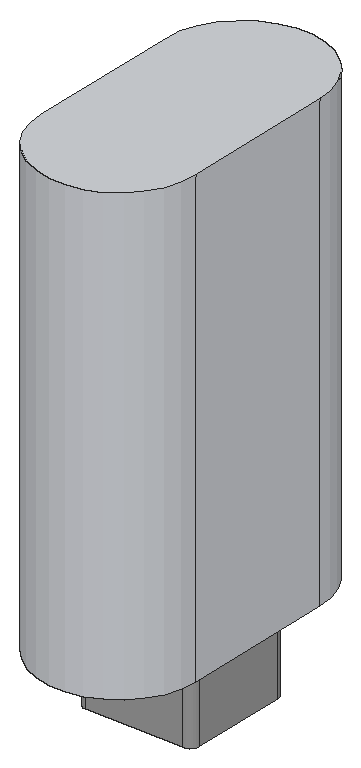
Revit family "Alcon-13303-SM_FAMILY_", category Generic Models, host Face, Revit 2025
Family settings
  Host = Face
  Can host rebar = No
  Round Connector Dimension = Use Diameter
  Part Type = Normal
  Cut with Voids When Loaded = No
  Maintain Annotation Orientation = No
  Shared = No
  Room Calculation Point = No
Parameters
  URL = "https://www.alconlighting.com/?srsltid=AfmBOooDPhGQ0dEP-X2PMtxFfvvWpIAEL4jCll_O2F4_to5onvhnBomy"
  Product Page URL = "https://www.alconlighting.com/13303-mi.html"
  Model = "13303-MI"
  Manufacturer = "ALCON Lighting"
  Fixture Rotation = 90.00°
  Default Elevation = 4' - 0"
  Body = Default
Reference planes (in)
  plane 1 "Center (Front/Back)": y = 0
  plane 2: z = 0
  plane 3 "Center (Left/Right)": x = 0
Forms (in)
  Extrusion 1, solid, material "Default" <- "Body"
    sketch origin (1.80078, 0, 0.5) x (0, 1, 0) y (1, 0, 0)
      loop
        arc (-0.375, -0.3125) -> (-0.35669, -0.35669) -> (-0.3125, -0.375) r 0.0625
        line (-0.3125, -0.375) -> (0.3125, -0.375)
        arc (0.3125, -0.375) -> (0.35669, -0.35669) -> (0.375, -0.3125) r 0.0625
        line (0.375, -0.3125) -> (0.375, 0.3125)
        arc (0.375, 0.3125) -> (0.35669, 0.35669) -> (0.3125, 0.375) r 0.0625
        line (0.3125, 0.375) -> (-0.3125, 0.375)
        arc (-0.3125, 0.375) -> (-0.35669, 0.35669) -> (-0.375, 0.3125) r 0.0625
        line (-0.375, 0.3125) -> (-0.375, -0.3125)
    from 0 to 0.5
  Extrusion 2, solid
    sketch origin (1.80078, 0, 0.5) x (0, 1, 0) y (-1, 0, 0)
      loop
        arc (0.5, -0.5) -> (1, 0) -> (0.5, 0.5) r 0.5
        line (0.5, 0.5) -> (-0.5, 0.5)
        arc (-0.5, 0.5) -> (-1, 0) -> (-0.5, -0.5) r 0.5
        line (-0.5, -0.5) -> (0.5, -0.5)
    from 0 to 2.9375
Lines and regions (in)
  reference lines
    curve 1: line (0, 5.875, 2.75) -> (0, -5.875, 2.75)
Dimensions and locks (in)
  aligned and locked: plane 2 to host face
  aligned and locked: level to host face
